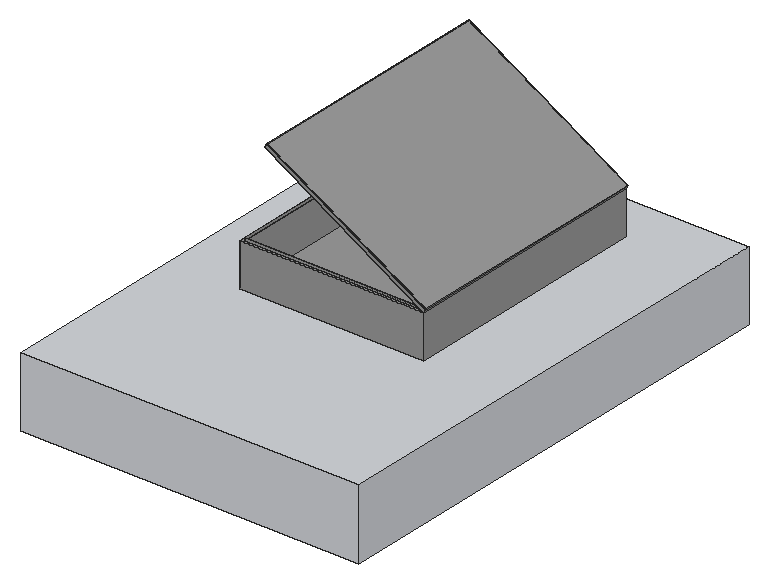
Revit family "Hager-Univers-IP54-D205-H1100-Cl.I-Encl-CH-en", category Equipement électrique, Revit 2020
Family settings
  Hôte = Face
  Configuration du panneau = Deux colonnes, circuits au sein
  Cote de connecteur circulaire = Utiliser le diamètre
  Type d'élément = Tableau de raccordement
  Couper avec des vides une fois chargée = Non
  Partagée = Non
  Point de calcul de pièce = Non
Parameters (values of type "Surface mounted (plaster) IP54 W800 H1100 D205  - FP73TW2")
  Width Control [instance] = if([EF000008 - Width] > Min Width, [EF000008 - Width], Min Width)  # 800 mm
  Commentaires du type = [HG000003 - Range]  # "Univers"
  Thickness Door [instance] = if([EF009171 - Material plate thickness door/cover] > 3 mm, 3 mm, [EF009171 - Material plate thickness door/cover])  # 1 mm
  Seal Frame Offset [instance] = 17 mm  # constant formula
  Plinth Visibility [instance] = [HG000027 - Plinth height] > 0 mm  # no
  Model = ""
  Min Width [instance] = 100 mm  # constant formula
  Min Height [instance] = 100 mm  # constant formula
  Min Depth [instance] = (2 * [EF009170 - Material plate thickness cabinet]) + 1 mm  # 3 mm
  Internal Frame Depth [instance] = (Door System Depth * 0.5)  # 9 mm
  Height Control [instance] = if([EF000040 - Height] > Min Height, [EF000040 - Height], Min Height)  # 1100 mm
  HG000027 - Plinth height = 0 mm
  HG000026 - Floor standing = no
  HG000024 - Bottom section height = 800 mm
  HG000023 - Double section enclosure = no
  HG000016 - Door 3d visibility [instance] = yes
  HG000015 - Clearance visibility [instance] = no
  HG000014 - Door on the right [instance] = yes
  HG000013 - Door on the left [instance] = not([HG000014 - Door on the right])  # no
  HG000012 - Door swing angle [instance] = 30.00°
  HG000010 - Asymmetric doors = no
  HG000009 - Double swing door = no
  HG000006 - Flush mounted = no
  HG000004 - Manufacturer reference = "FP73TW2"
  HG000003 - Range = "Univers"
  HG000002 - With door or cover = yes
  Frame Offset Bottom [instance] = 10 mm  # constant formula
  Frame Offset [instance] = 15 mm  # constant formula
  EF015940 - Cover with overpressure release = no
  EF011959 - Degree of protection (NEMA) = ""
  EF009554 - Number of openings for flange plates = 6
  EF009212 - Cover model = "EV000116 - Closed"
  EF009171 - Material plate thickness door/cover = 1 mm
  EF009170 - Material plate thickness cabinet = 1 mm
  Fabricant = "Hager"  # constant formula
  EF008873 - Nominal current (In) = 250 A
  EF007800 - Suitable for lightning protection = no
  EF006306 - With lock = no
  EF006244 - Transparent cover/door = no
  EF005474 - Degree of protection (IP) = "EV006419 - IP54"
  EF004464 - Type of door = "EV002646 - Single"
  EF004427 - Number of modules = 252
  EF004293 - Impact strength = "EV006815 - IK09"
  EF003532 - Suitable for outdoor use = no
  EF002950 - Width in number of modular spacings = 36
  EF001613 - Circuit integrity = "EV000494 - None"
  EF001596 - Material housing = "EV000179 - Steel"
  EF001131 - Internal depth = 130 mm
  EF001088 - Extension possible = yes
  EF000437 - Number of conduit inlets = 6
  EF000339 - Type of cover = "EV001012 - Cover"
  EF000266 - Number of rows = 7
  EF000218 - Built-in depth = 205 mm
  EF000118 - With mounting plate = no
  EF000116 - RAL-number = "9010"
  EF000049 - Depth = 205 mm
  EF000040 - Height = 1100 mm
  EF000008 - Width = 800 mm
  EF000007 - Colour = "EV000202 - White"
  EF000003 - Mounting method = "EV000384 - Surface mounted (plaster)"
  Door System Leaf Tolerance [instance] = 1.5 mm  # constant formula
  Door System Depth [instance] = 18 mm  # constant formula
  Door Height [instance] = Height Control - [HG000027 - Plinth height]  # 1100 mm
  Depth Control [instance] = if([EF000049 - Depth] > Min Depth, [EF000049 - Depth], Min Depth)  # 205 mm
  Default Elevation = 0 mm
  Connector Offset [instance] = Height Control / 2  # 550 mm
  Bottom Top Plate Trim [instance] = 1.5 mm  # constant formula
  Plinth height Ctrl [instance] = if([HG000027 - Plinth height] > 0 mm, [HG000027 - Plinth height], 12 mm)  # 12 mm
Types (4, lengths in mm): name | Width Control | HG000004 - Manufacturer reference | EF009554 - Number of openings for flange plates | EF004464 - Type of door | EF004427 - Number of modules | EF002950 - Width in number of modular spacings | EF000437 - Number of conduit inlets | EF000008 - Width
  Surface mounted (plaster) IP54 W1050 H1100 D205  - FP74TW2 | 1050 | "FP74TW2" | 8 | "EV003602 - Double" | 336 | 48 | 8 | 1050
  Surface mounted (plaster) IP54 W1300 H1100 D205  - FP75TW2 | 1300 | "FP75TW2" | 10 | "EV003602 - Double" | 420 | 60 | 10 | 1300
  Surface mounted (plaster) IP54 W550 H1100 D205  - FP72TW2 | 550 | "FP72TW2" | 4 | "EV002646 - Single" | 168 | 24 | 4 | 550
  Surface mounted (plaster) IP54 W800 H1100 D205  - FP73TW2 | 800 | "FP73TW2" | 6 | "EV002646 - Single" | 252 | 36 | 6 | 800
Reference planes
  plane 1 "Center (Front/Back)": y = 0
  plane 2: z = 0
  plane 3 "Center (Left/Right)": x = 0
  plane 4: z = 205
  plane 5: y = 1
  plane 6: y = 550
  plane 7: y = 0
  plane 8: y = 1100
  plane 9: z = 0
  plane 10: x = -385
  plane 11: x = 385
  plane 12: x = 384
  plane 13: x = -384
  plane 14: y = 1099
  plane 15: x = -383
  plane 16: x = -400
  plane 17: x = 383
  plane 18: x = 400
  plane 19: x = 399
  plane 20: x = -399
  plane 21: y = 11
  plane 22: y = 1100
  plane 23: y = 1084
  plane 24: z = 187
  plane 25: z = 1
  plane 26: z = 186
  plane 27: z = 204
Forms (mm)
  Extrusion 1, solid
    sketch origin (0, 0, 0) x (1, 0, 0) y (0, 1, 0)
      loop
        line (-702.964, 1305) -> (-702.964, -811.445) -> (766.763, -811.445) -> (766.763, 1305) -> (-702.964, 1305)
    from 0 to -304.8
  Extrusion 2, solid, material "Hager_Steel_RAL7035_Light_Grey", visible <- "Plinth Visibility", detail levels medium+fine
    sketch origin (0, 0, 0) x (1, 0, 0) y (0, 1, 0)
      loop
        line (-400, 0) -> (400, 0) -> (400, 12) -> (-400, 12) -> (-400, 0)
    from 0 to 187
  Extrusion 3, solid, material "Hager_Steel_RAL7035_Light_Grey", detail levels medium+fine
    sketch origin (0, 0, 0) x (1, 0, 0) y (0, 1, 0)
      loop
        line (-400, 0) -> (400, 0) -> (400, 1100) -> (-400, 1100) -> (-400, 0)
    from 0 to 187
  Extrusion 4, void
    sketch origin (0, 0, 0) x (1, 0, 0) y (0, 1, 0)
      loop
        line (-399, 1) -> (399, 1) -> (399, 1099) -> (-399, 1099) -> (-399, 1)
    from 1 to 186
  Extrusion 5, void
    sketch origin (-381.607, -4572, 187) x (0, -1, 0) y (-1, 0, 0)
      loop
        line (-4583, 2.393) -> (-5656, 2.393) -> (-5656, -765.607) -> (-4583, -765.607) -> (-4583, 2.393)
    from 0 to 1 <- "EF009170 - Material plate thickness cabinet"
  Extrusion 6, solid, material "Hager_Steel_RAL7035_Light_Grey", detail levels fine
    sketch origin (0, 0, 187) x (1, 0, 0) y (0, 1, 0)
      loop
        line (-384, 1084) -> (-384, 11) -> (384, 11) -> (384, 1084) -> (-384, 1084)
      loop
        line (-385, 10) -> (385, 10) -> (385, 1085) -> (-385, 1085) -> (-385, 10)
    from 0 to 9 <- "Internal Frame Depth"
  Extrusion 7, solid, material "Hager_Steel_RAL7035_Light_Grey", detail levels coarse
    sketch origin (0, 0, 0) x (1, 0, 0) y (0, 1, 0)
      loop
        line (-400, 0) -> (400, 0) -> (400, 1100) -> (-400, 1100) -> (-400, 0)
    from 0 to 205
  Sweep 8, void
    path in 3D
      loop
        line (-400, 12, 0) -> (400, 12, 0) -> (400, 12, 187) -> (-400, 12, 187) -> (-400, 12, 0)
    profile origin (-400, 12, 93.5) x (-1, 0, 0) y (0, -1, 0)
      loop
        line (0, 0) -> (0, 1.5) -> (-1.5, 1.5)
        arc (-1.5, 1.5) -> (-1.061, 0.439) -> (0, 0) r 1.5
Cuts and joins
  Extrusion 4, Extrusion 5 cuts Extrusion 3
  Sweep 8 cuts Extrusion 2
Lines and regions (mm)
  Masking region 1
    outline origin (0, 0, 0) x (1, 0, 0) y (0, 0, 1)
      loop
        line (-400, 205) -> (-400, 0) -> (400, 0) -> (400, 205) -> (-400, 205)
  Masking region 2, detail levels medium+fine
    outline origin (0, 140, 0) x (0, 1, 0) y (0, 0, 1)
      loop
        line (-140, 0) -> (960, 0) -> (960, 187) -> (-140, 187) -> (-140, 0)
  Masking region 3, not visible, detail levels medium+fine
    outline origin (0, 297.922, 0) x (0, 1, 0) y (0, 0, 1)
      loop
        line (263.578, 0) -> (303.578, 0) -> (303.578, 194)
        arc (303.578, 194) -> (300.649, 201.071) -> (293.578, 204) r 10
        line (293.578, 204) -> (263.578, 204) -> (263.578, 0)
  Masking region 4, detail levels coarse
    outline origin (0, 0, 180) x (0, 1, 0) y (0, 0, 1)
      loop
        line (0, -180) -> (1100, -180) -> (1100, 25) -> (0, 25) -> (0, -180)
  Masking region 5, visible <- "Plinth Visibility", detail levels medium+fine
    outline origin (0, 52.24, 12.345) x (0, 0, -1) y (0, 1, 0)
      loop
        line (10.845, -40.24) -> (-173.155, -40.24)
        arc (-173.155, -40.24) -> (-173.594, -41.301) -> (-174.655, -41.74) r 1.5
        line (-174.655, -41.74) -> (-174.655, -52.24) -> (12.345, -52.24) -> (12.345, -41.74)
        arc (12.345, -41.74) -> (11.285, -41.301) -> (10.845, -40.24) r 1.5
  Masking region 6, detail levels medium+fine
    outline origin (-381.607, -4572, 187) x (-1, 0, 0) y (0, -1, 0)
      loop
        line (18.393, -5672) -> (18.393, -4572) -> (-781.607, -4572) -> (-781.607, -5672) -> (18.393, -5672)
  Masking region 7, visible <- "Plinth Visibility", detail levels medium+fine
    outline origin (-381.607, -4727, 187) x (-1, 0, 0) y (0, -1, 0)
      loop
        arc (16.893, -4739) -> (17.332, -4737.939) -> (18.393, -4737.5) r 1.5
        line (18.393, -4737.5) -> (18.393, -4727) -> (-781.607, -4727) -> (-781.607, -4737.5)
        arc (-781.607, -4737.5) -> (-780.546, -4737.939) -> (-780.107, -4739) r 1.5
        line (-780.107, -4739) -> (16.893, -4739)
  Masking region 8, detail levels coarse
    outline origin (-442.548, -4669.526, 187) x (-1, 0, 0) y (0, -1, 0)
      loop
        line (-42.548, -5769.526) -> (-42.548, -4669.526) -> (-842.548, -4669.526) -> (-842.548, -5769.526) -> (-42.548, -5769.526)
  sketch lines
    curve 1: line (-400, 12, 187) -> (-400, 12, 0)
    curve 2: line (400, 12, 187) -> (-400, 12, 187)
    curve 3: line (400, 12, 187) -> (400, 12, 0)
    curve 4: line (-400, 12, 0) -> (400, 12, 0)
Dimensions and locks
  "Depth Control": plane 4 to Extrusion 1
  "HG000027 - Plinth height": plane 1 "Center (Front/Back)" to plane 7
  "EF009170 - Material plate thickness cabinet": plane 5 to plane 7
  locked: connector elem to plane 3 "Center (Left/Right)"
  equal spacing: plane 8, plane 6, plane 7
  locked: connector elem to plane 6
  "EF009170 - Material plate thickness cabinet": plane 8 to plane 14
  "EF009170 - Material plate thickness cabinet": plane 10 to plane 13
  "EF009170 - Material plate thickness cabinet": plane 12 to plane 11
  "Frame Offset": plane 20 to plane 13
  "Frame Offset": plane 12 to plane 19
  "EF009170 - Material plate thickness cabinet": plane 16 to plane 20
  "EF009170 - Material plate thickness cabinet": plane 19 to plane 18
  "Seal Frame Offset": plane 16 to plane 15
  "Seal Frame Offset": plane 17 to plane 18
  "Frame Offset Bottom": plane 21 to plane 5
  "Frame Offset": plane 14 to plane 23
  equal spacing: plane 16, plane 3 "Center (Left/Right)", plane 18
  "Width Control": plane 16 to plane 18
  "EF009170 - Material plate thickness cabinet": plane 4 to plane 27
  "EF009170 - Material plate thickness cabinet": plane 24 to plane 26
  "EF009170 - Material plate thickness cabinet": plane 25 to level
  "Door System Depth": plane 4 to plane 24
  "Height Control": plane 1 "Center (Front/Back)" to Extrusion 7 sketch curve
  "Height Control": Masking region 4 sketch curve to plane 1 "Center (Front/Back)"
  "Height Control": plane 1 "Center (Front/Back)" to plane 22
  "Bottom Top Plate Trim": profile plane to Sweep 8 sketch curve
  "Bottom Top Plate Trim": Sweep 8 sketch curve to profile plane
  "Plinth height Ctrl": plane 1 "Center (Front/Back)" to Extrusion 2 sketch curve
  "Plinth height Ctrl": Masking region 5 sketch curve to plane 1 "Center (Front/Back)"
  "Plinth height Ctrl": plane 1 "Center (Front/Back)" to Masking region 7 sketch curve
  "Thickness Door": Extrusion 6 sketch curve to Extrusion 6 sketch curve  (x3)
  "Thickness Door": cut or joined group of Extrusion 3, Extrusion 4, Extrusion 5 to Extrusion 6 sketch curve
  radius of Masking region 3 sketch curve = 10 mm
  "Bottom Top Plate Trim": radius of Masking region 5 sketch curve  (x2)
  "Bottom Top Plate Trim": radius of Sweep 8 sketch curve
  "Bottom Top Plate Trim": radius of Masking region 7 sketch curve  (x2)
  aligned and locked: plane 2 to Extrusion 1
  aligned and locked: level to Extrusion 1
  aligned and locked: level to Masking region 1 sketch curve
  aligned and locked: Masking region 1 sketch curve to plane 18
  aligned and locked: Masking region 1 sketch curve to plane 16
  aligned and locked: plane 7 to Masking region 2 sketch curve
  aligned and locked: level to Masking region 3 sketch curve
  aligned and locked: Masking region 3 sketch curve to plane 27
  aligned and locked: level to Masking region 2 sketch curve
  aligned and locked: plane 1 "Center (Front/Back)" to Extrusion 2 sketch curve
  aligned and locked: Extrusion 3 sketch curve to plane 7
  aligned and locked: plane 16 to Extrusion 3 sketch curve
  aligned and locked: plane 18 to Extrusion 3 sketch curve
  aligned and locked: plane 20 to Extrusion 4 sketch curve
  aligned and locked: plane 19 to Extrusion 4 sketch curve
  aligned and locked: Extrusion 4 sketch curve to plane 5
  aligned and locked: Extrusion 4 to plane 25
  aligned and locked: plane 26 to Extrusion 4
  aligned and locked: plane 24 to Extrusion 3
  aligned and locked: Extrusion 5 sketch curve to plane 21
  aligned and locked: Extrusion 5 sketch curve to plane 13
  aligned and locked: Extrusion 5 sketch curve to plane 12
  aligned and locked: plane 18 to Extrusion 7 sketch curve
  aligned and locked: plane 1 "Center (Front/Back)" to Extrusion 7 sketch curve
  aligned and locked: plane 16 to Extrusion 7 sketch curve
  aligned and locked: plane 4 to Extrusion 7
  aligned and locked: Extrusion 7 to level
  aligned and locked: level to Masking region 4 sketch curve
  aligned and locked: Masking region 4 sketch curve to plane 1 "Center (Front/Back)"
  aligned and locked: Masking region 4 sketch curve to plane 4
  aligned and locked: nested 1 to level
  aligned and locked: nested 1 to plane 16
  aligned and locked: plane 8 to Extrusion 3 sketch curve
  aligned and locked: plane 23 to Extrusion 5 sketch curve
  aligned and locked: plane 14 to Extrusion 4 sketch curve
  aligned and locked: Masking region 2 sketch curve to plane 8
  aligned and locked: level to Masking region 5 sketch curve
  aligned and locked: plane 16 to Extrusion 2 sketch curve
  aligned and locked: plane 18 to Extrusion 2 sketch curve
  aligned and locked: Masking region 5 sketch curve to plane 24
  aligned and locked: Masking region 2 sketch curve to plane 24
  aligned and locked: plane 24 to Extrusion 2
  aligned and locked: profile plane to Sweep 8 sketch curve  (x2)
  aligned and locked: Masking region 6 sketch curve to plane 18
  aligned and locked: Masking region 6 sketch curve to plane 22
  aligned and locked: Masking region 6 sketch curve to plane 16
  aligned and locked: plane 8 to plane 22
  aligned and locked: Masking region 6 sketch curve to plane 7
  aligned and locked: Masking region 7 sketch curve to plane 16
  aligned and locked: Masking region 7 sketch curve to plane 1 "Center (Front/Back)"
  aligned and locked: Masking region 7 sketch curve to plane 18
  aligned and locked: Masking region 8 sketch curve to plane 1 "Center (Front/Back)"
  aligned and locked: Masking region 8 sketch curve to plane 18
  aligned and locked: Masking region 8 sketch curve to plane 22
  aligned and locked: Masking region 8 sketch curve to plane 16
  aligned and locked: nested 2 to plane 7
  aligned and locked: plane 3 "Center (Left/Right)" to nested 2
  aligned and locked: nested 2 to plane 24
  aligned and locked: Extrusion 6 sketch curve to cut or joined group of Extrusion 3, Extrusion 4, Extrusion 5  (x4)
Automatic sketch dimensions
  Extrusion 1 sketch curve to Extrusion 1 sketch curve = 1469.727 mm
  Extrusion 1 sketch curve to Extrusion 1 sketch curve = 2116.445 mm
  Masking region 1 sketch curve to plane 4 = 0 mm
  plane 6 to Masking region 3 sketch curve = 11.5 mm
  Masking region 3 sketch curve to Masking region 3 sketch curve = 30 mm
  Masking region 5 sketch curve to plane 1 "Center (Front/Back)" = 0 mm
Nested families
  nested 1: "Hager_Enclosure_Symbol" at (-400, 0, 0) x (1, 0, 0) z (0, -1, 0), Height <- "Depth Control", Width <- "Width Control", type "Hager_Enclosure_Symbol"
    with Width_Ctrl 800 mm, Width 800 mm, Height_Ctrl 205 mm, Height 205 mm, A_Width_Int 13.453 mm, A_Width 161.438 mm, A_Height_Ctrl 179.375 mm, A_Height 179.375 mm
  nested 2: "EC000058_Univers_Door" at (0, 0, 187) x (1, 0, 0) z (0, 1, 0), Leaf_Tolerance <- "Door System Leaf Tolerance", Angle <- "HG000012 - Door swing angle", Door_Depth <- "Door System Depth", Door_Left <- "HG000013 - Door on the left", Transparent <- "EF006244 - Transparent cover/door", Assymetrical <- "HG000010 - Asymmetric doors", Width <- "Width Control", Clearance <- "HG000015 - Clearance visibility", Double <- "HG000009 - Double swing door", 3d_Door <- "HG000016 - Door 3d visibility", Lock_Visibility <- "EF006306 - With lock", Width_Ctrl <- "Width Control", Door_Right <- "HG000014 - Door on the right", Door <- "HG000002 - With door or cover", Height <- "Door Height", Thickness <- "Thickness Door", type "EC000058_Univers_Door", detail levels medium+fine
    with min_wh 3 mm, Width_Ctrl 800 mm, Width 800 mm, Transparent no, Thickness 1 mm, Seal_Material Hager_Rubber, Lock_Visibility no, Lock_Material Hager_Plastic_RAL9005_Jet_Black, Leaf_Width 800 mm, Leaf_Tolerance_External_Sides 0 mm, Leaf_Tolerance 1.5 mm, Leaf_Offset 0 mm, Leaf_Height 1097 mm, Leaf_2_Width 800 mm, Leaf_2_Offset 400 mm, Leaf_1_Width 800 mm, Leaf_1_Offset 400 mm, Height_Ctrl 1100 mm, Height 1100 mm, Glass_Material Hager_Glass, Double_Clearance_Ctrl no, Double no, Door_Right_Ctrl yes, Door_Right yes, Door_Material Hager_Steel_RAL7035_Light_Grey, Door_Left_Ctrl no, Door_Left no, Door_Depth 18 mm, Door yes, Clearance_Material Hager_Clearance, Clearance_Depth 800 mm, Clearance_Ctrl no, Clearance no, Assymetrical no, Angle 30.00°, 3d_Door yes
Connectors
  electrical at (0, 550, 0)
    settings: on plane 9, index 1, voltage 0 V, apparent load 0 VA, apparent load phase1 0 VA, apparent load phase2 0 VA, apparent load phase3 0 VA, power factor 1, load classification "Other", number of poles 1, system type 30, power factor state 1, is connector primary yes, connector utility no, sub classification motor no, connector description ""
Definition of nested family "EC000058_Univers_Door"
  Parameters (values of type "EC000058_Univers_Door")
    min_wh [instance] = (2 * Thickness) + 1 mm  # 11 mm
    Width_Ctrl [instance] = 400 mm
    Width [instance] = 500 mm
    Transparent [instance] = yes
    Thickness [instance] = 5 mm
    Seal_Material [instance] = none
    Lock_Visibility [instance] = yes
    Lock_Material [instance] = none
    Leaf_Width [instance] = if((Width_Ctrl - 2 * Leaf_Tolerance_External_Sides) > 0 mm, (Width_Ctrl - 2 * Leaf_Tolerance_External_Sides), min_wh)  # 400 mm
    Leaf_Tolerance_External_Sides [instance] = 0 mm  # constant formula
    Leaf_Tolerance [instance] = 1.5 mm
    Leaf_Offset [instance] = 0 mm  # constant formula
    Leaf_Height [instance] = if((Height_Ctrl - 2 * Leaf_Tolerance) > 0 mm, (Height_Ctrl - 2 * Leaf_Tolerance), min_wh)  # 497 mm
    Leaf_2_Width [instance] = if(and(and(Double, Assymetrical), Door_Left), (Leaf_Width / 3) - (Leaf_Tolerance / 2), if(and(and(Double, Assymetrical), Door_Right), (Leaf_Width / 3) * 2 - (Leaf_Tolerance / 2), if(and(Double, not(Assymetrical)), (Leaf_Width / 2) - Leaf_Tolerance, Leaf_Width)))  # 400 mm
    Leaf_2_Offset [instance] = if(and(Double, Assymetrical), Leaf_2_Width / 2, if(and(Double, not(Assymetrical)), Leaf_Width / 4, Leaf_Width / 2))  # 200 mm
    Leaf_1_Width [instance] = if(and(and(Double, Assymetrical), Door_Right), (Leaf_Width / 3) - (Leaf_Tolerance / 2), if(and(and(Double, Assymetrical), Door_Left), (Width / 3) * 2 - (Leaf_Tolerance / 2), if(and(Double, not(Assymetrical)), (Leaf_Width / 2) - Leaf_Tolerance, Leaf_Width)))  # 400 mm
    Leaf_1_Offset [instance] = if(and(Double, Assymetrical), Leaf_1_Width / 2, if(and(Double, not(Assymetrical)), Leaf_Width / 4, Leaf_Width / 2))  # 200 mm
    Height_Ctrl [instance] = if(Height > min_wh, Height, min_wh)  # 500 mm
    Height [instance] = 500 mm
    Glass_Material [instance] = none
    Double_Clearance_Ctrl [instance] = and(Double, Clearance)  # no
    Double [instance] = no
    Door_Right_Ctrl [instance] = and(or(Door_Right, Double), Door)  # yes
    Door_Right [instance] = yes
    Door_Material [instance] = none
    Door_Left_Ctrl [instance] = and(or(Door_Left, Double), Door)  # no
    Door_Left [instance] = no
    Door_Depth [instance] = 30 mm
    Door [instance] = yes
    Default Elevation = 1219.2 mm
    Clearance_Material [instance] = none
    Clearance_Depth [instance] = if(Leaf_1_Width > Leaf_2_Width, Leaf_1_Width, Leaf_2_Width)  # 400 mm
    Clearance_Ctrl [instance] = and(not(Double), Clearance)  # yes
    Clearance [instance] = yes
    Assymetrical [instance] = yes
    Angle [instance] = 30.00°
    3d_Door [instance] = yes
  Reference planes
    plane 1 "Center (Front/Back)": y = 0
    plane 2 "Bottom": z = 0
    plane 3 "Center (Left/Right)": x = 0
    plane 4: z = 500
    plane 5: x = -200
    plane 6: x = 200
    plane 7: z = 500
    plane 8: x = -200
    plane 9: z = 0
    plane 10: x = 200
    plane 11: y = 0
    plane 12: z = 1.5
    plane 13: x = -600
    plane 14: y = -400
    plane 15: x = 600
    plane 16: x = 0
    plane 17: x = 0
    plane 18: x = -200
    plane 19: x = 200
    plane 20: z = 498.5
  Forms (mm)
    Extrusion 1, solid, material <- "Clearance_Material", visible <- "Double_Clearance_Ctrl"
      sketch origin (1200, 0, 0) x (1, 0, 0) y (0, 0, -1)
        loop
          line (-1800, -498.5) -> (-600, -498.5) -> (-600, 0) -> (-1800, 0) -> (-1800, -498.5)
      from 0 to -400
  Dimensions and locks
    equal spacing: plane 5, plane 3 "Center (Left/Right)", plane 6
    "Width_Ctrl": plane 5 to plane 6
    "Leaf_Offset": plane 5 to plane 8
    "Leaf_Offset": plane 6 to plane 10
    "Leaf_Offset": plane 9 to level
    "Leaf_Offset": plane 4 to plane 7
    "Height_Ctrl": plane 4 to level
    "Leaf_Tolerance": plane 12 to plane 9
    locked: plane 11 to plane 1 "Center (Front/Back)"
    "Leaf_1_Offset": plane 18 to plane 16
    "Leaf_2_Offset": plane 17 to plane 19
    "Leaf_1_Width": plane 13 to plane 8
    "Leaf_2_Width": plane 10 to plane 15
    "Clearance_Depth": plane 14 to plane 1 "Center (Front/Back)"
    "Leaf_Tolerance_External_Sides": plane 8 to plane 18
    "Leaf_Tolerance_External_Sides": plane 19 to plane 10
    "Leaf_Tolerance": plane 7 to plane 20
    aligned and locked: level to plane 2 "Bottom"
    aligned and locked: nested 1 to plane 16
    aligned and locked: nested 2 to plane 17
    aligned and locked: Extrusion 1 to plane 13
    aligned and locked: plane 15 to Extrusion 1
    aligned and locked: Extrusion 1 to plane 14
    aligned and locked: plane 12 to nested 1
    aligned and locked: nested 2 to plane 12
    aligned and locked: Extrusion 1 to plane 11
    aligned and locked: plane 20 to Extrusion 1
    aligned and locked: nested 2 to plane 11
    aligned and locked: nested 1 to plane 11
  Automatic sketch dimensions
    Extrusion 1 sketch curve to level = 0 mm
    plane 5 to Extrusion 1 sketch curve = 400 mm
    plane 6 to Extrusion 1 sketch curve = 400 mm
    Extrusion 1 sketch curve to plane 4 = 1.5 mm
  Nested families
    nested 1: "EC000058_Univers_Door_Leaf" at (0, 0, 1.5), Width <- "Leaf_1_Width", visible <- "Door_Left_Ctrl", Leaf_Height <- "Leaf_Height", Angle <- "Angle", 3d_Door <- "3d_Door", Transparent <- "Transparent", Clearance Material <- "Clearance_Material", Clearance <- "Clearance_Ctrl", Door_Material <- "Door_Material", Glass_Material <- "Glass_Material", Door_Depth <- "Door_Depth", Lock_Material <- "Lock_Material", Seal_Material <- "Seal_Material", Lock_Visibility <- "Lock_Visibility", Thickness <- "Thickness", type "EC000058_Univers_Door_Leaf"
      with Width 400 mm, Transparent_Glass_Offset 30 mm, Transparent_Ctrl yes, Transparent yes, Thickness 5 mm, Standard no, Seal_Material none, Seal_D2 8 mm, Seal_D1 1 mm, Offset_Internal_Frame 10 mm, Lock_Width 20 mm, Lock_Visibility_3d yes, Lock_Visibility yes, Lock_Thickness_3 3 mm, Lock_Thickness_2 1 mm, Lock_Thickness_1 3 mm, Lock_Radius_Offset_2 16 mm, Lock_Radius_Offset_1 15 mm, Lock_Radius_2 5 mm, Lock_Radius 6 mm, Lock_Offset 5 mm, Lock_Material none, Lock_Height 80 mm, Lock_Cover_Top_Offset_2d 17 mm, Lock_Cover_Height -65 mm, Leaf_Height 497 mm, Internal_Seal_Thickness 8 mm, Internal_Seal_Depth_2 4.5 mm, Internal_Frame_Depth 25 mm, Glass_Thickness -1 mm, Glass_Offset -2 mm, Glass_Material none, Door_Material none, Door_Depth 30 mm, Clearance Material none, Clearance yes, Angle_Ctrl 30.00°, Angle 30.00°, 3d_Door yes
    nested 2: "EC000058_Univers_Door_Leaf" at (0, 0, 1.5) x (-1, 0, 0) z (0, 0, 1), Width <- "Leaf_2_Width", visible <- "Door_Right_Ctrl", Leaf_Height <- "Leaf_Height", Angle <- "Angle", 3d_Door <- "3d_Door", Transparent <- "Transparent", Clearance Material <- "Clearance_Material", Clearance <- "Clearance_Ctrl", Door_Material <- "Door_Material", Glass_Material <- "Glass_Material", Door_Depth <- "Door_Depth", Lock_Material <- "Lock_Material", Seal_Material <- "Seal_Material", Lock_Visibility <- "Lock_Visibility", Thickness <- "Thickness", type "EC000058_Univers_Door_Leaf"
      with Width 400 mm, Transparent_Glass_Offset 30 mm, Transparent_Ctrl yes, Transparent yes, Thickness 5 mm, Standard no, Seal_Material none, Seal_D2 8 mm, Seal_D1 1 mm, Offset_Internal_Frame 10 mm, Lock_Width 20 mm, Lock_Visibility_3d yes, Lock_Visibility yes, Lock_Thickness_3 3 mm, Lock_Thickness_2 1 mm, Lock_Thickness_1 3 mm, Lock_Radius_Offset_2 16 mm, Lock_Radius_Offset_1 15 mm, Lock_Radius_2 5 mm, Lock_Radius 6 mm, Lock_Offset 5 mm, Lock_Material none, Lock_Height 80 mm, Lock_Cover_Top_Offset_2d 17 mm, Lock_Cover_Height -65 mm, Leaf_Height 497 mm, Internal_Seal_Thickness 8 mm, Internal_Seal_Depth_2 4.5 mm, Internal_Frame_Depth 25 mm, Glass_Thickness -1 mm, Glass_Offset -2 mm, Glass_Material none, Door_Material none, Door_Depth 30 mm, Clearance Material none, Clearance yes, Angle_Ctrl 30.00°, Angle 30.00°, 3d_Door yes
  Definition of nested family "EC000058_Univers_Door_Leaf"
    Parameters (values of type "EC000058_Univers_Door_Leaf")
      Width [instance] = 2000 mm
      Transparent_Glass_Offset [instance] = 30 mm
      Transparent_Ctrl [instance] = and(Transparent, [3d_Door])  # yes
      Transparent [instance] = yes
      Thickness [instance] = 5 mm
      Standard [instance] = and(not(Transparent), [3d_Door])  # no
      Seal_Material [instance] = none
      Seal_D2 [instance] = 8 mm  # constant formula
      Seal_D1 [instance] = 1 mm  # constant formula
      Offset_Internal_Frame [instance] = 10 mm  # constant formula
      Lock_Width [instance] = 20 mm  # constant formula
      Lock_Visibility_3d [instance] = and(Lock_Visibility, [3d_Door])  # yes
      Lock_Visibility [instance] = yes
      Lock_Thickness_3 [instance] = 3 mm  # constant formula
      Lock_Thickness_2 [instance] = 1 mm  # constant formula
      Lock_Thickness_1 [instance] = 3 mm  # constant formula
      Lock_Radius_Offset_2 [instance] = Lock_Radius_Offset_1 + 1 mm  # 16 mm
      Lock_Radius_Offset_1 [instance] = 15 mm  # constant formula
      Lock_Radius_2 [instance] = Lock_Radius - 1 mm  # 5 mm
      Lock_Radius [instance] = 6 mm  # constant formula
      Lock_Offset [instance] = 5 mm  # constant formula
      Lock_Material [instance] = none
      Lock_Height [instance] = 80 mm  # constant formula
      Lock_Cover_Top_Offset_2d [instance] = Lock_Radius_Offset_2 + 1 mm  # 17 mm
      Lock_Cover_Height [instance] = -(Lock_Height - Lock_Radius_Offset_1)  # -65 mm
      Leaf_Height [instance] = 2720.336 mm
      Internal_Seal_Thickness [instance] = 8 mm  # constant formula
      Internal_Seal_Depth_2 [instance] = 4.5 mm  # constant formula
      Internal_Frame_Depth [instance] = if(Door_Depth - Thickness > 5 mm, Door_Depth - Thickness, 5 mm)  # 25 mm
      Glass_Thickness [instance] = if(Thickness > 15 mm, Glass_Offset + 10 mm, -1 mm)  # -1 mm
      Glass_Offset [instance] = if(Thickness > 15 mm, -(Thickness + 10 mm) / 2, -2 mm)  # -2 mm
      Glass_Material [instance] = none
      Door_Material [instance] = none
      Door_Depth [instance] = 30 mm
      Default Elevation = 0 mm
      Clearance Material [instance] = none
      Clearance [instance] = yes
      Angle_Ctrl [instance] = if(Angle > 180.00°, 180.00°, Angle)  # 90.00°
      Angle [instance] = 90.00°
      3d_Door [instance] = yes
    Reference planes
      plane 1 "Center (Front/Back)": y = 0
      plane 2: z = 0
      plane 3 "Center (Left/Right)": x = 0
      plane 4: y = 2000
      plane 5: x = -1000
      plane 6: x = 1000
      plane 7: x = -3000
      plane 8: z = 2720.336
      plane 9: z = 30
      plane 10: z = 2690.336
      plane 11: x = 970
      plane 12: x = -970
      plane 13: y = -3
      plane 14: z = 107.833
      plane 15: y = -5
      plane 16: y = -223.314
      plane 17: x = -1000
      plane 18: z = 1360.168
      plane 19: y = 30
    Forms (mm)
      Extrusion 1, solid, material <- "Clearance Material", visible <- "Clearance"
        sketch origin (0, 0, 0) x (1, 0, 0) y (0, 0, 1)
          loop
            line (-3000, 2720.336) -> (-3000, 0) -> (1000, 0) -> (1000, 2720.336) -> (-3000, 2720.336)
        from 0 to -2000
      Extrusion 2, solid, material <- "Door_Material", visible <- "Standard", detail levels medium+fine
        sketch origin (-1000, 0, 0) x (0, 1, 0) y (-1, 0, 0)
          loop
            line (0, 30) -> (0, 25) -> (2000, 25) -> (2000, 30) -> (0, 30)
        from 0 to 2720.336 <- "Leaf_Height"
      Extrusion 3, solid, material <- "Door_Material", visible <- "Transparent_Ctrl", detail levels medium+fine
        sketch origin (-1000, 0, 0) x (0, 1, 0) y (-1, 0, 0)
          loop
            line (0, 25) -> (2000, 25) -> (2000, 30) -> (0, 30) -> (0, 25)
        from 0 to 2720.336 <- "Leaf_Height"
      Extrusion 4, void
        sketch origin (-1025, 2000, 0) x (0, 1, 0) y (0, 0, -1)
          loop
            line (-30, -2690.336) -> (-30, -30) -> (-1970, -30) -> (-1970, -2690.336) -> (-30, -2690.336)
        from 0 to 5 <- "Thickness"
      Sweep 5, solid, material <- "Seal_Material", visible <- "Transparent_Ctrl", detail levels fine
        path in 3D
          loop
            line (-1025, 30, 30) -> (-1025, 30, 2690.336) -> (-1025, 1970, 2690.336) -> (-1025, 1970, 30) -> (-1025, 30, 30)
        profile origin (-1025, 1000, 30) x (1, 0, 0) y (0, 0, 1)
          loop
            line (0, 0) -> (0, -8) -> (1, -8) -> (1, 0) -> (0, 0)
      Extrusion 6, solid, material <- "Glass_Material", visible <- "Transparent_Ctrl", detail levels medium+fine
        sketch origin (-1030, 0, 0) x (0, 1, 0) y (0, 0, -1)
          loop
            line (1970, -2690.336) -> (1970, -30) -> (30, -30) -> (30, -2690.336) -> (1970, -2690.336)
        from -2 <- "Glass_Offset" to -1 <- "Glass_Thickness"
      Extrusion 7, solid, material <- "Door_Material", visible <- "3d_Door", detail levels medium+fine
        sketch origin (-1025, 2000, 0) x (0, -1, 0) y (0, 0, -1)
          loop
            line (0, -2720.336) -> (2000, -2720.336) -> (2000, 0) -> (0, 0) -> (0, -2720.336)
          loop
            line (1995, -5) -> (5, -5) -> (5, -2715.336) -> (1995, -2715.336) -> (1995, -5)
        from 0 to 25 <- "Internal_Frame_Depth"
      Sweep 8, solid, material <- "Seal_Material", visible <- "Transparent_Ctrl", detail levels fine
        path in 3D
          loop
            line (-1025, 0, 0) -> (-1025, 2000, 0) -> (-1025, 2000, 2720.336) -> (-1025, 0, 2720.336) -> (-1025, 0, 0)
        profile origin (-1025, 0, 1360.168) x (1, 0, 0) y (0, 1, 0)
          loop
            line (0, 10) -> (2.975, 10)
            arc (2.975, 10) -> (4.053, 10.447) -> (4.5, 11.525) r 1.525
            line (4.5, 11.525) -> (4.5, 16.527)
            arc (4.5, 16.527) -> (4.069, 17.569) -> (3.027, 18) r 1.473
            line (3.027, 18) -> (0, 18) -> (0, 10)
      Extrusion 9, solid, material <- "Lock_Material", visible <- "Lock_Visibility_3d", detail levels fine
        sketch origin (-1030, 0, 0) x (0, 1, 0) y (0, 0, -1)
          loop
            arc (1993.5, -1400.168) -> (1994.561, -1399.729) -> (1995, -1398.668) r 1.5
            line (1995, -1398.668) -> (1995, -1320.168) -> (1975, -1320.168) -> (1975, -1398.668)
            arc (1975, -1398.668) -> (1975.439, -1399.729) -> (1976.5, -1400.168) r 1.5
            line (1976.5, -1400.168) -> (1993.5, -1400.168)
        from 3 <- "Lock_Thickness_1" to 0
      Blend 10, solid, material <- "Lock_Material", visible <- "Lock_Visibility_3d", detail levels fine
        base sketch origin (-1033, 0, 0) x (0, 1, 0) y (0, 0, -1)
          loop
            line (1975, -1320.168) -> (1975, -1398.668)
            arc (1975, -1398.668) -> (1975.439, -1399.729) -> (1976.5, -1400.168) r 1.5
            line (1976.5, -1400.168) -> (1993.5, -1400.168)
            arc (1993.5, -1400.168) -> (1994.561, -1399.729) -> (1995, -1398.668) r 1.5
            line (1995, -1398.668) -> (1995, -1320.168) -> (1975, -1320.168)
        top sketch origin (-1033, 0, 0) x (0, 1, 0) y (0, 0, -1)
          loop
            line (1976, -1320.168) -> (1976, -1398.668)
            arc (1976, -1398.668) -> (1976.146, -1399.022) -> (1976.5, -1399.168) r 0.5
            line (1976.5, -1399.168) -> (1993.5, -1399.168)
            arc (1993.5, -1399.168) -> (1993.854, -1399.022) -> (1994, -1398.668) r 0.5
            line (1994, -1398.668) -> (1994, -1320.168) -> (1976, -1320.168)
        from 0 to 1 <- "Lock_Thickness_2"
      Blend 11, solid, material <- "Lock_Material", visible <- "Lock_Visibility_3d", detail levels fine
        base sketch origin (-1034, 0, 0) x (0, 1, 0) y (0, 0, -1)
          loop
            line (1978, -1320.168) -> (1978, -1384.168)
            arc (1978, -1384.168) -> (1985, -1391.168) -> (1992, -1384.168) r 7
            line (1992, -1384.168) -> (1992, -1320.168) -> (1978, -1320.168)
        top sketch origin (-1034, 0, 0) x (0, 1, 0) y (0, 0, -1)
          loop
            line (1991, -1320.168) -> (1979, -1320.168) -> (1979, -1383.168)
            arc (1979, -1383.168) -> (1985, -1389.168) -> (1991, -1383.168) r 6
            line (1991, -1383.168) -> (1991, -1320.168)
        from 0 to 3 <- "Lock_Thickness_3"
      Extrusion 12, solid, material <- "Lock_Material", visible <- "Lock_Visibility_3d", detail levels fine
        sketch origin (-1030, 1975, 1320.168) x (1, 0, 0) y (0, -1, 0)
          loop
            line (-7, -19) -> (-7, -1) -> (0, -1) -> (0, 0) -> (-8, 0) -> (-8, -20) -> (0, -20) -> (0, -19) -> (-7, -19)
        from 0 to -65 <- "Lock_Cover_Height"
      Extrusion 13, void
        sketch origin (-1038, 1995, 1320.168) x (-1, 0, 0) y (0, 0, -1)
          loop
            line (-5, -65) -> (0, -65) -> (-5, -60) -> (-5, -65)
        from 0 to 20 <- "Lock_Width"
      Extrusion 14, void
        sketch origin (-1038, 1975, 1320.168) x (0, -1, 0) y (0, 0, -1)
          loop
            circle (-10, -15.995) r 6
          loop
            circle (-10, -15.995) r 5
        from 0 to 2
      Extrusion 15, solid, material <- "Lock_Material", visible <- "Lock_Visibility_3d", detail levels medium
        sketch origin (-1030, 0, 0) x (0, 1, 0) y (0, 0, -1)
          loop
            arc (1993.5, -1400.168) -> (1994.561, -1399.729) -> (1995, -1398.668) r 1.5
            line (1995, -1398.668) -> (1995, -1320.168) -> (1975, -1320.168) -> (1975, -1398.668)
            arc (1975, -1398.668) -> (1975.439, -1399.729) -> (1976.5, -1400.168) r 1.5
            line (1976.5, -1400.168) -> (1993.5, -1400.168)
        from 8 to 0
    Cuts and joins
      Extrusion 4 cuts Extrusion 3
      Extrusion 13, Extrusion 14 cuts Extrusion 9
      Extrusion 14 cuts Blend 11
      Extrusion 13, Extrusion 14 cuts Extrusion 12
      joined: Extrusion 9, Blend 10, Blend 11, Extrusion 12
      Extrusion 14 cuts Extrusion 15
    Lines and regions (mm)
      Masking region 1, visible <- "Lock_Visibility", detail levels fine
        outline origin (0, 0, 0) x (0, 1, 0) y (0, 0, 1)
          loop
            line (30, 1320.168) -> (33, 1320.168) -> (33, 1400.168) -> (30, 1400.168) -> (30, 1320.168)
      Masking region 2, visible <- "Lock_Visibility", detail levels fine
        outline origin (0, 3.143, 0) x (0, 1, 0) y (0, 0, 1)
          loop
            line (29.857, 1354.168) -> (30.857, 1354.168) -> (30.857, 1366.168) -> (29.857, 1366.168) -> (29.857, 1354.168)
      Masking region 3, detail levels medium+fine
        outline origin (0, 0, 0) x (0, 1, 0) y (0, 0, 1)
          loop
            line (0, 0) -> (30, 0) -> (30, 2720.336) -> (0, 2720.336) -> (0, 0)
      Masking region 4, detail levels medium+fine
        outline origin (0, 0, 0) x (1, 0, 0) y (0, 0, 1)
          loop
            line (-1000, 2720.336) -> (-1000, 0) -> (1000, 0) -> (1000, 2720.336) -> (-1000, 2720.336)
      Masking region 5, visible <- "Lock_Visibility", detail levels fine
        outline origin (-47.116, 0, 0) x (1, 0, 0) y (0, 0, 1)
          loop
            arc (1024.616, 1399.168) -> (1023.556, 1398.729) -> (1023.116, 1397.668) r 1.5
            line (1023.116, 1397.668) -> (1023.116, 1320.168) -> (1041.116, 1320.168) -> (1041.116, 1397.668)
            arc (1041.116, 1397.668) -> (1040.677, 1398.729) -> (1039.616, 1399.168) r 1.5
            line (1039.616, 1399.168) -> (1024.616, 1399.168)
      Masking region 6, visible <- "Lock_Visibility", detail levels medium+fine
        outline origin (-25, 0, 0) x (1, 0, 0) y (0, 0, 1)
          loop
            arc (1001.5, 1400.168) -> (1000.439, 1399.729) -> (1000, 1398.668) r 1.5
            line (1000, 1398.668) -> (1000, 1320.168) -> (1020, 1320.168) -> (1020, 1398.668)
            arc (1020, 1398.668) -> (1019.561, 1399.729) -> (1018.5, 1400.168) r 1.5
            line (1018.5, 1400.168) -> (1001.5, 1400.168)
      Masking region 7, visible <- "Lock_Visibility", detail levels fine
        outline origin (-73.735, 0, 0) x (1, 0, 0) y (0, 0, 1)
          loop
            line (1051.735, 1382.168) -> (1065.735, 1382.168) -> (1065.735, 1384.168)
            arc (1065.735, 1384.168) -> (1058.735, 1391.168) -> (1051.735, 1384.168) r 7
            line (1051.735, 1384.168) -> (1051.735, 1382.168)
      Masking region 8, visible <- "Lock_Visibility", detail levels fine
        outline origin (-73.735, 0, 0) x (1, 0, 0) y (0, 0, 1)
          loop
            line (1052.735, 1382.168) -> (1064.735, 1382.168) -> (1064.735, 1383.168)
            arc (1064.735, 1383.168) -> (1058.735, 1389.168) -> (1052.735, 1383.168) r 6
            line (1052.735, 1383.168) -> (1052.735, 1382.168)
      Masking region 9, visible <- "Lock_Visibility", detail levels fine
        outline origin (-25, 0, 0) x (1, 0, 0) y (0, 0, 1)
          loop
            line (1020, 1320.168) -> (1020, 1382.168) -> (1000, 1382.168) -> (1000, 1320.168) -> (1020, 1320.168)
      Masking region 10, detail levels medium+fine
        outline origin (0, 0, 0) x (1, 0, 0) y (0, 0, 1)
          loop
            circle (985, 1335.144) r 6
      Masking region 11, detail levels fine
        outline origin (0, 0, 0) x (1, 0, 0) y (0, 0, 1)
          loop
            circle (985, 1335.144) r 5
      Masking region 12, visible <- "Lock_Visibility", detail levels fine
        outline origin (0, 12.767, 0) x (0, 1, 0) y (0, 0, 1)
          loop
            line (20.233, 1320.168) -> (21.233, 1320.168) -> (21.233, 1399.168) -> (20.233, 1400.168) -> (20.233, 1320.168)
      Masking region 13, visible <- "Lock_Visibility", detail levels fine
        outline origin (0, 13.767, -10) x (0, 1, 0) y (0, 0, 1)
          loop
            line (20.233, 1330.168) -> (23.233, 1330.168) -> (23.233, 1399.168) -> (20.233, 1402.168) -> (20.233, 1330.168)
      Masking region 14, visible <- "Lock_Visibility", detail levels fine
        outline origin (0, 12.767, -10) x (0, 1, 0) y (0, 0, 1)
          loop
            line (20.233, 1330.168) -> (25.233, 1330.168) -> (25.233, 1399.305) -> (20.233, 1394.305) -> (20.233, 1330.168)
      Masking region 15, visible <- "Lock_Visibility", detail levels medium
        outline origin (0, 0, 0) x (0, 1, 0) y (0, 0, 1)
          loop
            line (30, 1320.168) -> (38, 1320.168) -> (38, 1400.168) -> (30, 1400.168) -> (30, 1320.168)
      Masking region 16, visible <- "Lock_Visibility", detail levels fine
        outline origin (-1000, 0, 0) x (0, 1, 0) y (-1, 0, 0)
          loop
            line (1975, 30) -> (1995, 30) -> (1995, 38) -> (1975, 38) -> (1975, 30)
          loop
            line (1979, 37) -> (1976, 37) -> (1976, 34) -> (1978, 34) -> (1979, 37)
          loop
            line (1994, 37) -> (1991, 37) -> (1992, 34) -> (1994, 34) -> (1994, 37)
      Masking region 17, visible <- "Lock_Visibility", detail levels medium
        outline origin (-1000, 0, 0) x (0, 1, 0) y (-1, 0, 0)
          loop
            line (1975, 30) -> (1995, 30) -> (1995, 38) -> (1975, 38) -> (1975, 30)
      symbolic lines
        curve 1: line (1000, 0, 0) -> (-3000, 0, 0)
        curve 2: arc (1000, 0, 0) -> (-1000, 2000, 0) -> (-3000, 0, 0) r 2000
        curve 4: line (-1030, 0, 0) -> (-1030, 2000, 0)
      reference lines
        curve 3: line (-1000, 0, 0) -> (-1000, 2000, 0)
      symbolic lines, detail levels medium+fine
        curve 5: line (-1030, 2000, 0) -> (-1025, 2000, 0)
        curve 7: line (-1025, 0, 0) -> (-1030, 0, 0)
        curve 8: line (-1025, 0, 0) -> (-1000, 0, 0)
        curve 9: line (-1000, 0, 0) -> (-1000, 2000, 0)
        curve 10: line (-1000, 2000, 0) -> (-1025, 2000, 0)
      symbolic lines, detail levels fine
        curve 6: line (-1025, 2000, 0) -> (-1025, 0, 0)
      sketch lines
        curve 11: line (-1025, 0, 2720.336) -> (-1025, 0, 0)
        curve 12: line (-1025, 2000, 0) -> (-1025, 0, 0)
        curve 13: line (-1025, 2000, 2720.336) -> (-1025, 2000, 0)
        curve 14: line (-1025, 0, 2720.336) -> (-1025, 2000, 2720.336)
        curve 15: line (-1025, 1970, 30) -> (-1025, 30, 30)
        curve 16: line (-1025, 30, 30) -> (-1025, 30, 2690.336)
        curve 17: line (-1025, 1970, 2690.336) -> (-1025, 1970, 30)
        curve 18: line (-1025, 30, 2690.336) -> (-1025, 1970, 2690.336)
      symbolic lines, visible <- "Transparent", detail levels medium+fine
        curve 19: line (-970, 0, 2690.336) -> (970, 0, 2690.336)
        curve 20: line (-970, 0, 30) -> (-970, 0, 2690.336)
        curve 21: line (970, 0, 30) -> (-970, 0, 30)
        curve 22: line (970, 0, 2690.336) -> (970, 0, 30)
    Dimensions and locks
      "Width": plane 1 "Center (Front/Back)" to plane 4
      equal spacing: plane 5, plane 3 "Center (Left/Right)", plane 6
      "Width": plane 5 to plane 6
      "Width": plane 7 to plane 5
      "Leaf_Height": plane 8 to level
      "Width": curve 5 to curve 3
      "Width": curve 3 to curve 3
      plane 8 to plane 10 = 30 mm
      plane 9 to level = 30 mm
      plane 12 to plane 5 = 30 mm
      plane 6 to plane 11 = 30 mm
      Extrusion 1 to Extrusion 4 sketch curve = 30 mm
      "Transparent_Glass_Offset": curve 3 to Extrusion 4 sketch curve
      "Transparent_Glass_Offset": Extrusion 4 sketch curve to cut or joined group of Extrusion 3, Extrusion 4  (x2)
      cut or joined group of Extrusion 3, Extrusion 4 to Extrusion 6 sketch curve = 30 mm
      "Transparent_Glass_Offset": cut or joined group of Extrusion 3, Extrusion 4 to Extrusion 4 sketch curve
      "Thickness": curve 6 to curve 4
      "Thickness": Extrusion 7 sketch curve to Extrusion 7 sketch curve  (x4)
      "Door_Depth": curve 4 to curve 3
      "Offset_Internal_Frame": profile plane to Sweep 8 sketch curve
      "Internal_Seal_Thickness": Sweep 8 sketch curve to Sweep 8 sketch curve
      "Internal_Seal_Depth_2": profile plane to Sweep 8 sketch curve
      "Seal_D1": profile plane to Sweep 5 sketch curve
      "Seal_D2": profile plane to Sweep 5 sketch curve
      "Thickness": Extrusion 2 sketch curve to Extrusion 2 sketch curve
      equal spacing: Extrusion 9 sketch curve, plane 18, Extrusion 9 sketch curve  (x2)
      equal spacing: Masking region 1 sketch curve, plane 18, Masking region 1 sketch curve
      "Lock_Height": Masking region 1 sketch curve to Masking region 1 sketch curve
      "Lock_Radius": Masking region 2 sketch curve to plane 18 to Masking region 2 sketch curve
      Masking region 2 sketch curve to Masking region 1 = 1 mm
      "Door_Depth": plane 19 to plane 1 "Center (Front/Back)"
      "Lock_Thickness_1": Masking region 1 sketch curve to plane 19
      "Lock_Width": Extrusion 9 sketch curve to Extrusion 9 sketch curve
      "Lock_Height": Extrusion 9 sketch curve to Extrusion 9 sketch curve
      "Lock_Offset": cut or joined group of Extrusion 3, Extrusion 4 to Extrusion 9 sketch curve
      equal spacing: plane 8, plane 18, level
      "Lock_Radius_Offset_1": Blend 11 sketch curve to Blend 10
      locked: Blend 10 to Blend 11 sketch curve at 2  (x2)
      locked: var sketch to Blend 11 sketch curve at 1  (x2)
      "Lock_Radius_Offset_2": Blend 11 sketch curve to Blend 10
      locked: Extrusion 12 sketch curve to Extrusion 12 sketch curve at 1  (x3)
      Masking region 6 sketch curve to Masking region 6 sketch curve = 80 mm
      "Lock_Height": Masking region 6 sketch curve to Masking region 6 sketch curve
      "Lock_Width": Masking region 6 sketch curve to Masking region 6 sketch curve
      locked: Masking region 6 to Masking region 5 sketch curve at 1  (x3)
      locked: Masking region 5 to Masking region 7 sketch curve at 2  (x2)
      "Lock_Radius_Offset_1": Masking region 5 to Masking region 7 sketch curve
      "Lock_Radius_Offset_2": Masking region 5 to Masking region 8 sketch curve
      locked: Masking region 7 to Masking region 8 sketch curve at 1  (x2)
      "Lock_Cover_Top_Offset_2d": Masking region 5 to Masking region 9 sketch curve
      equal spacing: Masking region 9, Masking region 10 sketch curve, Masking region 9
      equal spacing: Masking region 9, Masking region 11 sketch curve, Masking region 9
      Extrusion 15 sketch curve to Extrusion 15 sketch curve = 80 mm
      "Lock_Width": Extrusion 15 sketch curve to Extrusion 15 sketch curve
      "Lock_Height": Extrusion 15 sketch curve to Extrusion 15 sketch curve
      equal spacing: Extrusion 15 sketch curve, plane 18, Extrusion 15 sketch curve
      "Lock_Thickness_3": Masking region 13 sketch curve to Masking region 13 sketch curve
      "Lock_Height": Masking region 12 sketch curve to Masking region 12 sketch curve
      locked: Masking region 13 sketch curve to Masking region 1 at 8
      locked: Masking region 14 sketch curve to Masking region 13 at 1
      locked: Masking region 14 sketch curve to Masking region 1 at 10.863
      "Lock_Height": Masking region 15 sketch curve to Masking region 15 sketch curve
      "Lock_Offset": Extrusion 15 sketch curve to cut or joined group of Extrusion 3, Extrusion 4
      "Lock_Offset": plane 6 to Masking region 6 sketch curve
      radius of Sweep 8 sketch curve = 1.525 mm
      radius of Sweep 8 sketch curve = 1.473 mm
      radius of Extrusion 9 sketch curve = 1.5 mm  (x2)
      "Lock_Radius": radius of Extrusion 14 sketch curve
      "Lock_Radius_2": radius of Extrusion 14 sketch curve
      "Lock_Radius": radius of Masking region 10 sketch curve
      "Lock_Radius_2": radius of Masking region 11 sketch curve
      radius of Extrusion 15 sketch curve = 1.5 mm  (x2)
      "Angle_Ctrl": angle plane 1 "Center (Front/Back)" to curve 3
      locked: Masking region 12 sketch curve to Masking region 12 sketch curve (angle 45.00°)
      locked: Masking region 13 sketch curve to Masking region 13 sketch curve (angle 45.00°)
      locked: Masking region 14 sketch curve to Masking region 14 sketch curve (angle 45.00°)
      aligned and locked: level to plane 2
      aligned and locked: Extrusion 1 to curve 1
      aligned and locked: plane 6 to Extrusion 1
      aligned and locked: Extrusion 1 to plane 1 "Center (Front/Back)"
      aligned and locked: plane 4 to Extrusion 1
      aligned and locked: plane 8 to Extrusion 1
      aligned and locked: curve 7 to Extrusion 2 sketch curve
      aligned and locked: curve 5 to Extrusion 2 sketch curve
      aligned and locked: curve 7 to Extrusion 3 sketch curve
      aligned and locked: Extrusion 3 sketch curve to curve 4
      aligned and locked: Extrusion 3 sketch curve to curve 6
      aligned and locked: Extrusion 3 sketch curve to curve 5
      aligned and locked: curve 9 to curve 3
      aligned and locked: Extrusion 7 sketch curve to cut or joined group of Extrusion 3, Extrusion 4  (x4)
      aligned and locked: plane 17 to curve 3
      aligned and locked: plane 1 "Center (Front/Back)" to curve 3
      aligned and locked: plane 17 to plane 5
      aligned and locked: Sweep 8 sketch curve to profile plane
      aligned and locked: Sweep 5 sketch curve to profile plane  (x2)
      aligned and locked: Masking region 1 to Masking region 2 sketch curve
      aligned and locked: plane 19 to Masking region 1 sketch curve
      aligned and locked: plane 1 "Center (Front/Back)" to Masking region 3 sketch curve
      aligned and locked: plane 19 to Masking region 3 sketch curve
      aligned and locked: level to Masking region 3 sketch curve
      aligned and locked: Masking region 3 sketch curve to plane 8
      aligned and locked: plane 17 to Masking region 4 sketch curve
      aligned and locked: level to Masking region 4 sketch curve
      aligned and locked: Masking region 4 sketch curve to plane 8
      aligned and locked: plane 12 to curve 20
      aligned and locked: plane 10 to curve 19
      aligned and locked: plane 11 to curve 22
      aligned and locked: curve 21 to plane 9
      aligned and locked: Extrusion 2 sketch curve to cut or joined group of Extrusion 3, Extrusion 4
      aligned and locked: Blend 10 sketch curve to Extrusion 9  (x4)
      aligned and locked: Extrusion 9 to Blend 10 sketch curve
      aligned and locked: Blend 10 to Blend 11 sketch curve
      aligned and locked: Extrusion 12 sketch curve to Blend 11
      aligned and locked: Extrusion 12 sketch curve to Extrusion 9  (x4)
      aligned and locked: Masking region 5 sketch curve to Masking region 6
      aligned and locked: Masking region 9 sketch curve to Masking region 6  (x3)
      aligned and locked: Masking region 12 sketch curve to Masking region 1
      aligned and locked: Masking region 13 sketch curve to Masking region 1
      aligned and locked: Masking region 12 to Masking region 14
      aligned and locked: Masking region 14 sketch curve to Masking region 1
      aligned and locked: Masking region 15 sketch curve to Masking region 14
      aligned and locked: Masking region 13 sketch curve to Masking region 12
      aligned and locked: Masking region 16 sketch curve to cut or joined group of Extrusion 14, Extrusion 15  (x4)
      aligned and locked: Masking region 16 sketch curve to cut or joined group of Extrusion 9, Blend 10, Blend 11, Extrusion 12, Extrusion 13, Extrusion 14  (x6)
      aligned and locked: cut or joined group of Extrusion 9, Blend 10, Blend 11, Extrusion 12, Extrusion 13, Extrusion 14 to Masking region 16 sketch curve
      aligned and locked: Masking region 17 sketch curve to cut or joined group of Extrusion 14, Extrusion 15  (x3)
      aligned and locked: Masking region 17 sketch curve to cut or joined group of Extrusion 9, Blend 10, Blend 11, Extrusion 12, Extrusion 13, Extrusion 14
      aligned and locked: Masking region 9 to Masking region 8 sketch curve
      aligned and locked: Masking region 9 to Masking region 7 sketch curve
    Automatic sketch dimensions
      plane 1 "Center (Front/Back)" to curve 2 = 0 mm
      curve 2 to plane 5 = 0 mm
      Extrusion 1 sketch curve to level = 0 mm
      Extrusion 1 sketch curve to plane 7 = 0 mm
      Extrusion 1 sketch curve to plane 6 = 0 mm
      Extrusion 1 sketch curve to plane 8 = 0 mm
      Extrusion 3 to Extrusion 6 sketch curve = 30 mm  (x4)
      Masking region 4 sketch curve to plane 6 = 0 mm
      Blend 10 sketch curve to Extrusion 9 = 1.5 mm
      Blend 10 sketch curve to Extrusion 9 = 1 mm
      Extrusion 13 sketch curve to Extrusion 12 = 0 mm  (x2)
      Extrusion 12 to Extrusion 13 sketch curve = 3 mm
      Extrusion 13 sketch curve to Extrusion 12 = 5 mm
      Extrusion 14 sketch curve to Extrusion 14 sketch curve = 0 mm  (x2)
      Extrusion 14 sketch curve to Extrusion 12 = 10 mm
      Extrusion 14 sketch curve to Extrusion 12 = 15.995 mm
      Masking region 5 sketch curve to Masking region 5 sketch curve = 1.5 mm  (x2)
      Masking region 10 sketch curve to plane 18 = 25.024 mm
      Masking region 11 sketch curve to plane 18 = 25.024 mm
      plane 19 to Masking region 14 sketch curve = 3 mm
      Masking region 16 sketch curve to Masking region 16 sketch curve = 3 mm
      curve 4 to curve 3 = 0 mm
      Blend 10 to Blend 11 sketch curve = 0 mm
      Masking region 6 sketch curve to Masking region 6 sketch curve = 1.5 mm  (x2)
      Masking region 6 sketch curve to plane 18 = 40 mm
      plane 19 to Masking region 12 sketch curve = 3 mm
      Masking region 12 sketch curve to Masking region 12 sketch curve = 1 mm
      Masking region 15 sketch curve to plane 19 = 0 mm
      Masking region 15 sketch curve to plane 18 = 40 mm
      radius of Blend 10 sketch curve to Extrusion 9 = 1 mm
Definition of nested family "Hager_Enclosure_Symbol"
  Parameters (values of type "Hager_Enclosure_Symbol")
    Width_Ctrl [instance] = if(Width > 1 mm, Width, 1 mm)  # 102.27 mm
    Width [instance] = 102.27 mm
    Height_Ctrl [instance] = if(Height > 1 mm, Height, 1 mm)  # 66.5 mm
    A_Width_Int [instance] = if(A_Width / 12 > 2 mm, A_Width / 12, 2 mm)  # 4.364 mm
    A_Width [instance] = if(A_Height_Ctrl * 0.9 > 2 mm, A_Height_Ctrl * 0.9, 2 mm)  # 52.369 mm
    A_Height_Ctrl [instance] = if(A_Height > 2 mm, A_Height, 2 mm)  # 58.188 mm
    Height [instance] = 66.5 mm
    A_Height [instance] = Height - (Height / 8)  # 58.188 mm
  Reference planes
    plane 1 "Centre (avant/arrière)": y = 0
    plane 2: z = 0
    plane 3 "Centre (gauche/droite)": x = 0
    plane 4: x = 52.369
    plane 5: y = 33.042
    plane 6: y = 41.77
    plane 7: y = 66.5
    plane 8: x = 26.184
    plane 9: y = 37.406
    plane 10: x = 102.27
    plane 11: y = 66.5
    plane 12: y = 8.313
  Lines and regions (mm)
    Filled region 1, type "Solid_Black", in view "Niveau de réf."
      outline origin (0, 0, 0) x (1, 0, 0) y (0, 1, 0)
        loop
          line (52.369, 66.5) -> (33.188, 54.536) -> (45.365, 45.006) -> (52.369, 66.5)
    Filled region 2, type "Solid_Black", in view "Niveau de réf."
      outline origin (0, 0, 0) x (1, 0, 0) y (0, 1, 0)
        loop
          line (0, 0) -> (102.27, 0) -> (102.27, 66.5) -> (0, 0)
    detail lines, in view "Niveau de réf."
      curve 1: line (0, 8.313, 0) -> (26.184, 41.77, 0)
      curve 2: line (26.184, 41.77, 0) -> (26.184, 33.042, 0)
      curve 3: line (26.184, 33.042, 0) -> (52.369, 66.5, 0)
  Dimensions and locks
    "A_Width": plane 3 "Centre (gauche/droite)" to plane 4
    equal spacing: plane 3 "Centre (gauche/droite)", plane 8, plane 4
    equal spacing: plane 6, plane 9, plane 5
    equal spacing: curve 3, Filled region 1 sketch curve, Filled region 1 sketch curve
    "Height_Ctrl": plane 1 "Centre (avant/arrière)" to plane 11
    "A_Height_Ctrl": plane 11 to plane 12
    equal spacing: plane 11, plane 9, plane 12
    "A_Width_Int": plane 6 to plane 9
    "Width_Ctrl": plane 3 "Centre (gauche/droite)" to plane 10
    angle Filled region 1 sketch curve to curve 3 = 20.00°
    angle curve 3 to Filled region 1 sketch curve = 20.00°
    locked: curve 3 to Filled region 1 sketch curve (angle 90.00°)
    aligned and locked: plane 10 to Filled region 2
    aligned and locked: plane 11 to Filled region 2 sketch curve
    aligned and locked: plane 10 to Filled region 2 sketch curve
    aligned and locked: plane 3 "Centre (gauche/droite)" to curve 1
    aligned and locked: plane 12 to curve 1
    aligned and locked: plane 7 to plane 11
  Automatic sketch dimensions
    Filled region 1 sketch curve to plane 4 = 0 mm
    Filled region 1 sketch curve to plane 7 = 0 mm
    plane 1 "Centre (avant/arrière)" to Filled region 2 sketch curve = 0 mm
    Filled region 2 sketch curve to plane 3 "Centre (gauche/droite)" = 0 mm
    curve 2 to plane 6 = 0 mm
    curve 2 to plane 8 = 0 mm
    curve 3 to plane 4 = 0 mm
    curve 2 to plane 5 = 0 mm
    curve 3 to plane 7 = 0 mm
